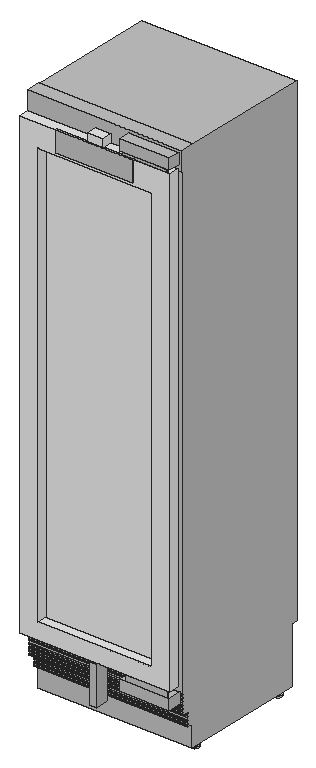
Revit family "FP_Revit_18_RS2484_VR2K1_Wine_Column_90001066A", category Specialty Equipment, Revit 2018
Family settings
  Round Connector Dimension = Use Diameter
  Part Type = Normal
  OmniClass Number = 23.40.40.11.11
  OmniClass Title = Refrigerators and Freezers
  Work Plane-Based = No
  Always vertical = Yes
  Cut with Voids When Loaded = Yes
  Shared = No
  Room Calculation Point = No
Parameters
  Visibility - Water Connection = yes
  Visibility - Visibility Control Note = yes
  Visibility - Clearance Required = yes
  URL = "www.fisherpaykel.com"
  Stainless Steel Door Panels (RD2484VR4D) = no
  Product - Width = 603 mm  # constant formula
  Product - Height = 2134 mm  # constant formula
  Product - Depth (exl front panel) = 610 mm  # constant formula
  Model = "RS2484VR2K1"
  Material - Handle = Fisher & Paykel - Aluminium
  Material - Door Structure = Fisher & Paykel - White
  Material - Door Front = Fisher & Paykel - Stainless Steel
  Material - Body = Fisher & Paykel - Grey
  Manufacturer = "Fisher & Paykel Appliances"
  Handle Style - Professional Square (AHV2-RD84) = no
  Handle Style - Professional Round (AHC-RD84) = no
  Handle Style - Contemporary Square (AHD3-RD84) = no
  Handle Style - Contemporary Round (AHS-RD84) = no
  Description = "24\" Integrated Column Wine Cabinet"
  Connector Description - Electrical = "120 V, 10 amp fused electrical supply"
  Cavity - Width = 610 mm  # constant formula
  Cavity - Height = 2134 mm  # constant formula
  Cavity - Depth = 635 mm  # constant formula
Reference planes
  plane 1 "Datum": y = 0
  plane 2: z = 0
  plane 3 "Center (Left/Right)": x = 0
  plane 4 "Product LHS": x = -301.5
  plane 5 "Product RHS": x = 301.5
  plane 6 "Product - Depth": y = 610
  plane 7 "Cavity LHS": x = -305
  plane 8 "Cavity RHS": x = 305
  plane 9 "Cavity - Depth": y = 612.9
  plane 10 "Handle Offset": x = -238.5
  plane 11 "Product Height": z = 2134
  plane 12 "Cavity Height": z = 2134
  plane 13 "Door Panel Datum": y = -4.1
Forms (mm)
  Extrusion 1, solid, material "Fisher & Paykel - Grey" <- "Material - Body", detail levels fine
    sketch origin (0, 0, 0) x (0, 1, 0) y (0, 0, 1)
      loop
        line (100.1, 19.1) -> (587.9, 19.1) -> (587.9, 239.7) -> (610, 239.7) -> (610, 2131.9) -> (105.1, 2131.9) -> (105.1, 2134) -> (49.9, 2134) -> (49.9, 2059) -> (56, 2059) -> (56, 228.6) -> (59.5, 228.6) -> (59.5, 219.7) -> (56.5, 219.7) -> (56.5, 215.9) -> (59.5, 215.9) -> (59.5, 207) -> (56.5, 207) -> (56.5, 203.2) -> (59.5, 203.2) -> (59.5, 194.3) -> (56.5, 194.3) -> (56.5, 190.5) -> (59.5, 190.5) -> (59.5, 181.6) -> (56.5, 181.6) -> (56.5, 177.8) -> (59.5, 177.8) -> (59.5, 168.9) -> (56.5, 168.9) -> (56.5, 165.1) -> (59.5, 165.1) -> (59.5, 156.2) -> (56.5, 156.2) -> (56.5, 152.4) -> (84.1, 152.4) -> (84.1, 143.5) -> (81.1, 143.5) -> (81.1, 139.7) -> (84.1, 139.7) -> (84.1, 130.8) -> (81.1, 130.8) -> (81.1, 127) -> (84.1, 127) -> (84.1, 118.1) -> (81.1, 118.1) -> (81.1, 114.3) -> (84.1, 114.3) -> (84.1, 105.4) -> (81.1, 105.4) -> (81.1, 101.6) -> (100.1, 101.6) -> (100.1, 19.1)
    from -301.5 to 301.5
  Extrusion 2, solid, material "Fisher & Paykel - Grey" <- "Material - Body"
    sketch origin (0, 0, 0) x (1, 0, 0) y (0, 1, 0)
      loop
        circle (-281, 547.8) r 4.1
      loop
        circle (-281, 141.8) r 4.1
      loop
        circle (281, 547.8) r 4.1
      loop
        circle (281, 141.8) r 4.1
    from 3 to 19.1
  Extrusion 3, solid, material "Fisher & Paykel - Grey" <- "Material - Body"
    sketch origin (0, 0, 0) x (1, 0, 0) y (0, 1, 0)
      loop
        circle (-281, 547.8) r 14.5
      loop
        circle (-281, 141.8) r 14.555
      loop
        circle (281, 547.8) r 14.5
      loop
        circle (281, 141.8) r 14.555
    from 0 to 3
  Extrusion 4, solid, material "Fisher & Paykel - Grey" <- "Material - Body", detail levels fine
    sketch origin (0, 0, 0) x (1, 0, 0) y (0, 1, 0)
      loop
        line (-7.5, 49) -> (-13.797, -4.1) -> (13.797, -4.1) -> (7.5, 49) -> (-7.5, 49)
    from 104.2 to 254.2
  Extrusion 5, solid, material "Fisher & Paykel - Grey" <- "Material - Body", detail levels fine
    sketch origin (0, 0, 0) x (1, 0, 0) y (0, 0, 1)
      loop
        line (289.9, 2123.15) -> (95.42, 2123.15) -> (95.42, 2081.05) -> (289.9, 2081.05) -> (289.9, 2123.15)
    from -49 to -3
  Extrusion 6, solid, material "Fisher & Paykel - Grey" <- "Material - Body", detail levels fine
    sketch origin (0, 0, 0) x (0, 1, 0) y (0, 0, 1)
      loop
        line (0, 2070.6) -> (0, 1988.6) -> (2, 1988.6) -> (2, 2068.6) -> (4, 2068.6) -> (4, 2070.6) -> (0, 2070.6)
    from -150 to 150
  Extrusion 7, solid, material "Fisher & Paykel - Grey" <- "Material - Body"
    sketch origin (0, 0, 0) x (1, 0, 0) y (0, 0, 1)
      loop
        circle (226.5, 119.813) r 5
      loop
        circle (-226.5, 119.813) r 5
    from -590 to -587.9
  Extrusion 8, solid, material "Fisher & Paykel - White" <- "Material - Door Structure"
    sketch origin (0, 0, 0) x (1, 0, 0) y (0, 1, 0)
      loop
        line (-276.5, 56) -> (-276.5, 42) -> (276.5, 42) -> (276.5, 56) -> (-276.5, 56)
    from 269.6 to 2030.7
  Extrusion 9, solid, material "Fisher & Paykel - White" <- "Material - Door Structure", detail levels fine
    sketch origin (0, 0, 0) x (1, 0, 0) y (0, 0, 1)
      loop
        line (-29.5, 2100.1) -> (-29.5, 2068.6) -> (29.5, 2068.6) -> (29.5, 2100.1) -> (-29.5, 2100.1)
    from -42 to -3
  Extrusion 10, solid, material "Fisher & Paykel - Grey" <- "Material - Body", detail levels coarse+medium
    sketch origin (0, 0, 0) x (0, 1, 0) y (0, 0, 1)
      loop
        line (49.9, 2134) -> (49.9, 2059) -> (56, 2059) -> (56, 152.4) -> (81.1, 152.4) -> (81.1, 101.6) -> (100.1, 101.6) -> (100.1, 19.1) -> (587.9, 19.1) -> (587.9, 239.7) -> (610, 239.7) -> (610, 2134) -> (49.9, 2134)
    from -301.5 to 301.5
  Extrusion 11, solid, material "Fisher & Paykel - Clearance Required", visible <- "Visibility - Clearance Required", detail levels coarse
    sketch origin (0, 0, 0) x (1, 0, 0) y (0, 1, 0)
      loop
        arc (-301.5, -22.1) -> (-13.376, -547.171) -> (584.28, -586.183) r 622.5
        line (584.28, -586.183) -> (565.051, -544.946) -> (589.549, -533.523)
        arc (589.549, -533.523) -> (598.013, -510.267) -> (574.757, -501.802) r 17.5
        line (574.757, -501.802) -> (550.259, -513.225) -> (329.441, -39.678)
        arc (329.441, -39.678) -> (310.616, -38.605) -> (301.5, -22.1) r 19.5
        line (301.5, -22.1) -> (-301.5, -22.1)
    from 0 to 2134
  Extrusion 12, solid, material "Fisher & Paykel - Grey" <- "Material - Body", detail levels fine
    sketch origin (0, 0, 0) x (1, 0, 0) y (0, 0, 1)
      loop
        line (289.9, 187.65) -> (289.9, 229.75) -> (95.42, 229.75) -> (95.42, 187.65) -> (289.9, 187.65)
    from -56 to -2.5
  Extrusion 13, solid, material "Fisher & Paykel - Grey" <- "Material - Body", detail levels fine
    sketch origin (0, 0, -4) x (0, 1, 0) y (0, 0, 1)
      loop
        arc (163.888, 23.1) -> (180.4, 13.63) -> (196.912, 23.1) r 19.13
        line (196.912, 23.1) -> (163.888, 23.1)
      loop
        arc (493.888, 23.1) -> (510.4, 13.63) -> (526.912, 23.1) r 19.13
        line (526.912, 23.1) -> (493.888, 23.1)
    from 191 to 219
  Extrusion 14, solid, material "Fisher & Paykel - Grey" <- "Material - Body", detail levels fine
    sketch origin (0, 0, -4) x (0, 1, 0) y (0, 0, -1)
      loop
        line (163.888, -23.1) -> (196.912, -23.1)
        arc (196.912, -23.1) -> (180.4, -13.63) -> (163.888, -23.1) r 19.13
      loop
        line (493.888, -23.1) -> (526.912, -23.1)
        arc (526.912, -23.1) -> (510.4, -13.63) -> (493.888, -23.1) r 19.13
    from 191 to 219
  Extrusion 15, solid, material "Fisher & Paykel - Clearance Required", visible <- "Visibility - Clearance Required", detail levels coarse
    sketch origin (0, 0, 0) x (1, 0, 0) y (0, 1, 0)
      loop
        line (-305, 612.9) -> (-305, -4.1) -> (305, -4.1) -> (305, 612.9) -> (-305, 612.9)
    from 0 to 2134
  Extrusion 16, void
    sketch origin (0, 0, 0) x (1, 0, 0) y (0, 1, 0)
      loop
        line (-305, 612.9) -> (-305, -22.1) -> (305, -22.1) -> (305, 612.9) -> (-305, 612.9)
    from 0 to 2134
  Extrusion 17, solid, material "Fisher & Paykel - Grey" <- "Material - Body", detail levels fine
    sketch origin (0, 0, 0) x (1, 0, 0) y (0, 0, 1)
      loop
        line (118.4, 254.2) -> (118.4, 229.75) -> (282.9, 229.75) -> (282.9, 254.2) -> (118.4, 254.2)
      loop
        line (106, 2081.05) -> (106, 2068.6) -> (282.9, 2068.6) -> (282.9, 2076.05) -> (242.9, 2081.05) -> (106, 2081.05)
    from -7 to -4
  Extrusion 18, solid, material "Fisher & Paykel - Stainless Steel" <- "Material - Door Front", visible <- "Stainless Steel Door Panels (RD2484VR4D)"
    sketch origin (0, 0, 0) x (1, 0, 0) y (0, 0, 1)
      loop
        line (-301.5, 2130.8) -> (-301.5, 102) -> (301.5, 102) -> (301.5, 2130.8) -> (-301.5, 2130.8)
      loop
        line (-207.5, 1930) -> (-207.5, 341.6) -> (207.5, 341.6) -> (207.5, 1930) -> (-207.5, 1930)
    from 4.1 to 22.1
  Extrusion 19, solid, material "Fisher & Paykel - White" <- "Material - Door Structure"
    sketch origin (0, 0, 0) x (1, 0, 0) y (0, 0, 1)
      loop
        line (-292.9, 2068.6) -> (-292.9, 254.2) -> (292.9, 254.2) -> (292.9, 2068.6) -> (-292.9, 2068.6)
      loop
        line (-223.3, 318.3) -> (223.3, 318.3) -> (223.3, 1977.7) -> (-223.3, 1977.7) -> (-223.3, 318.3)
    from -42 to -3
Lines and regions (mm)
  model lines, style "Fisher & Paykel"
    curve 1: line (-301.5, -4.1, 2130.8) -> (301.5, -4.1, 2130.8)
    curve 2: line (-301.5, -4.1, 102) -> (-301.5, -4.1, 2130.8)
    curve 3: line (301.5, -4.1, 102) -> (-301.5, -4.1, 102)
    curve 4: line (301.5, -4.1, 2130.8) -> (301.5, -4.1, 102)
    curve 5: line (-207.5, -4.1, 1930) -> (207.5, -4.1, 1930)
    curve 6: line (-207.5, -4.1, 341.6) -> (-207.5, -4.1, 1930)
    curve 7: line (207.5, -4.1, 341.6) -> (-207.5, -4.1, 341.6)
    curve 8: line (207.5, -4.1, 1930) -> (207.5, -4.1, 341.6)
Text (mm)
  text "Due to ongoing product development, product details are subject to change without notice. \nPlease always refer to www.fisherpaykel.com for the most current product information. \n© Fisher & Paykel 2020" at (41.04, -678.295, 0), in view "Ref. Level (Plan)"
Dimensions and locks
  equal spacing: plane 4 "Product LHS", plane 3 "Center (Left/Right)", plane 5 "Product RHS"
  "Product - Width": plane 4 "Product LHS" to plane 5 "Product RHS"
  "Product - Depth (exl front panel)": plane 1 "Datum" to plane 6 "Product - Depth"
  equal spacing: plane 7 "Cavity LHS", plane 3 "Center (Left/Right)", plane 8 "Cavity RHS"
  "Cavity - Width": plane 7 "Cavity LHS" to plane 8 "Cavity RHS"
  plane 4 "Product LHS" to Extrusion 2 sketch curve = 24.6 mm
  plane 4 "Product LHS" to plane 10 "Handle Offset" = 63 mm
  Extrusion 7 sketch curve to Extrusion 1 = 119.887 mm  (x2)
  Extrusion 7 sketch curve to plane 5 "Product RHS" = 75 mm
  plane 4 "Product LHS" to Extrusion 7 sketch curve = 75 mm
  Extrusion 1 sketch curve to Extrusion 1 sketch curve = 82.5 mm
  Extrusion 1 sketch curve to Extrusion 1 sketch curve = 209.5 mm
  Extrusion 3 to level = 3 mm
  Extrusion 10 to Extrusion 8 = 250.5 mm
  Extrusion 10 to Extrusion 10 = 2114.9 mm
  "Product - Height": level to plane 11 "Product Height"
  Extrusion 8 to plane 11 "Product Height" = 103.3 mm
  Extrusion 10 sketch curve to plane 11 "Product Height" = 75 mm
  Extrusion 1 sketch curve to plane 11 "Product Height" = 2.1 mm
  Extrusion 1 sketch curve to plane 11 "Product Height" = 75 mm
  "Cavity - Height": plane 12 "Cavity Height" to level
  plane 1 "Datum" to Extrusion 15 = 612.9 mm
  plane 1 "Datum" to Extrusion 16 = 612.9 mm
  Extrusion 17 sketch curve to Extrusion 17 sketch curve = 40 mm
  Extrusion 17 sketch curve to plane 3 "Center (Left/Right)" = 106 mm
  Extrusion 17 sketch curve to Extrusion 17 sketch curve = 176.9 mm
  Extrusion 17 sketch curve to plane 3 "Center (Left/Right)" = 118.4 mm
  plane 3 "Center (Left/Right)" to Extrusion 17 sketch curve = 282.9 mm
  equal spacing: Extrusion 19, plane 3 "Center (Left/Right)", Extrusion 19
  equal spacing: Extrusion 18, plane 3 "Center (Left/Right)", Extrusion 18
  locked: Extrusion 18 sketch curve to Extrusion 18 sketch curve at 415
  locked: Extrusion 19 sketch curve to Extrusion 19 sketch curve at 446.6
  Extrusion 16 to plane 1 "Datum" = 22.1 mm
  "Cavity - Depth": plane 9 "Cavity - Depth" to Extrusion 16
  radius of Extrusion 7 sketch curve = 5 mm
  aligned and locked: level to plane 2
  aligned and locked: Extrusion 10 to plane 5 "Product RHS"
  aligned and locked: Extrusion 10 to plane 4 "Product LHS"
  aligned and locked: Extrusion 10 sketch curve to plane 11 "Product Height"
  aligned and locked: plane 11 "Product Height" to Extrusion 1 sketch curve
  aligned and locked: Extrusion 13 sketch curve to Extrusion 13 sketch curve
  aligned and locked: Extrusion 14 sketch curve to Extrusion 14 sketch curve
  aligned and locked: Extrusion 15 to Extrusion 11
  aligned and locked: Extrusion 16 to Extrusion 11
  aligned and locked: Extrusion 1 to plane 5 "Product RHS"
  aligned and locked: plane 4 "Product LHS" to Extrusion 1
  aligned and locked: Extrusion 2 to Extrusion 1
  aligned and locked: nested 5 to plane 10 "Handle Offset"
  aligned and locked: nested 4 to plane 10 "Handle Offset"
  aligned and locked: nested 3 to plane 10 "Handle Offset"
  aligned and locked: nested 2 to plane 10 "Handle Offset"
Automatic sketch dimensions
  Extrusion 2 sketch curve to plane 4 "Product LHS" = 20.5 mm  (x2)
  plane 5 "Product RHS" to Extrusion 2 sketch curve = 20.5 mm  (x2)
  Extrusion 2 sketch curve to plane 1 "Datum" = 141.8 mm  (x2)
  Extrusion 2 sketch curve to plane 6 "Product - Depth" = 62.2 mm  (x2)
  Extrusion 3 sketch curve to plane 4 "Product LHS" = 20.5 mm  (x2)
  plane 5 "Product RHS" to Extrusion 3 sketch curve = 20.5 mm  (x2)
  Extrusion 3 sketch curve to plane 1 "Datum" = 141.8 mm  (x2)
  Extrusion 3 sketch curve to plane 6 "Product - Depth" = 62.2 mm  (x2)
  plane 1 "Datum" to Extrusion 4 sketch curve = 4.1 mm
  Extrusion 4 sketch curve to plane 3 "Center (Left/Right)" = 13.797 mm
  Extrusion 4 sketch curve to plane 3 "Center (Left/Right)" = 7.5 mm
  plane 3 "Center (Left/Right)" to Extrusion 4 sketch curve = 7.5 mm
  plane 3 "Center (Left/Right)" to Extrusion 4 sketch curve = 13.797 mm
  Extrusion 4 sketch curve to plane 1 "Datum" = 49 mm
  plane 11 "Product Height" to Extrusion 5 sketch curve = 10.85 mm
  plane 3 "Center (Left/Right)" to Extrusion 5 sketch curve = 95.42 mm
  plane 5 "Product RHS" to Extrusion 5 sketch curve = 11.6 mm
  Extrusion 5 sketch curve to Extrusion 5 sketch curve = 42.1 mm
  Extrusion 6 sketch curve to plane 1 "Datum" = 0 mm
  Extrusion 6 sketch curve to plane 1 "Datum" = 2 mm
  Extrusion 6 sketch curve to Extrusion 6 sketch curve = 2 mm  (x2)
  plane 11 "Product Height" to Extrusion 6 sketch curve = 145.4 mm
  plane 11 "Product Height" to Extrusion 6 sketch curve = 65.4 mm
  Extrusion 8 sketch curve to plane 4 "Product LHS" = 25 mm
  plane 5 "Product RHS" to Extrusion 8 sketch curve = 25 mm
  Extrusion 8 sketch curve to plane 1 "Datum" = 42 mm
  Extrusion 8 sketch curve to Extrusion 8 sketch curve = 14 mm
  Extrusion 9 sketch curve to plane 3 "Center (Left/Right)" = 29.5 mm
  plane 3 "Center (Left/Right)" to Extrusion 9 sketch curve = 29.5 mm
  plane 11 "Product Height" to Extrusion 9 sketch curve = 65.4 mm
  Extrusion 9 sketch curve to Extrusion 9 sketch curve = 31.5 mm
  Extrusion 11 sketch curve to Extrusion 11 sketch curve = 0 mm  (x2)
  Extrusion 11 sketch curve to plane 4 "Product LHS" = 0 mm
  Extrusion 11 sketch curve to plane 5 "Product RHS" = 0 mm
  Extrusion 11 sketch curve to plane 8 "Cavity RHS" = 16 mm
  Extrusion 11 sketch curve to Extrusion 11 sketch curve = 8.441 mm
  Extrusion 11 sketch curve to plane 8 "Cavity RHS" = 245.259 mm
  Extrusion 11 sketch curve to Extrusion 11 sketch curve = 14.792 mm
  Extrusion 11 sketch curve to Extrusion 11 sketch curve = 24.498 mm
  Extrusion 11 sketch curve to Extrusion 11 sketch curve = 7.396 mm  (x2)
  Extrusion 11 sketch curve to Extrusion 11 sketch curve = 19.229 mm
  plane 1 "Datum" to Extrusion 11 sketch curve = 586.183 mm
  Extrusion 11 sketch curve to Extrusion 11 sketch curve = 41.237 mm
  Extrusion 11 sketch curve to Extrusion 11 sketch curve = 15.86 mm
  plane 3 "Center (Left/Right)" to Extrusion 12 sketch curve = 95.42 mm
  plane 5 "Product RHS" to Extrusion 12 sketch curve = 11.6 mm
  level to Extrusion 12 sketch curve = 187.65 mm
  Extrusion 12 sketch curve to Extrusion 12 sketch curve = 42.1 mm
  Extrusion 13 sketch curve to plane 1 "Datum" = 163.888 mm
  Extrusion 13 sketch curve to Extrusion 13 sketch curve = 16.512 mm  (x2)
  Extrusion 13 sketch curve to plane 6 "Product - Depth" = 116.112 mm
  Extrusion 13 sketch curve to Extrusion 13 sketch curve = 9.66 mm  (x2)
  Extrusion 14 sketch curve to plane 1 "Datum" = 163.888 mm
  Extrusion 14 sketch curve to Extrusion 14 sketch curve = 16.512 mm  (x2)
  Extrusion 14 sketch curve to plane 6 "Product - Depth" = 116.112 mm
  Extrusion 14 sketch curve to Extrusion 14 sketch curve = 9.66 mm  (x2)
  Extrusion 15 sketch curve to plane 7 "Cavity LHS" = 0 mm
  Extrusion 15 sketch curve to plane 8 "Cavity RHS" = 0 mm
  Extrusion 15 sketch curve to plane 9 "Cavity - Depth" = 0 mm
  plane 1 "Datum" to Extrusion 15 sketch curve = 4.1 mm
  Extrusion 16 sketch curve to plane 7 "Cavity LHS" = 0 mm
  Extrusion 16 sketch curve to plane 8 "Cavity RHS" = 0 mm
  plane 9 "Cavity - Depth" to Extrusion 16 sketch curve = 0 mm
  plane 1 "Datum" to Extrusion 16 sketch curve = 22.1 mm
  level to Extrusion 17 sketch curve = 229.75 mm
  Extrusion 17 sketch curve to Extrusion 17 sketch curve = 24.45 mm
  plane 11 "Product Height" to Extrusion 17 sketch curve = 65.4 mm
  Extrusion 17 sketch curve to Extrusion 17 sketch curve = 7.45 mm
  Extrusion 17 sketch curve to Extrusion 17 sketch curve = 5 mm
  Extrusion 10 sketch curve to plane 6 "Product - Depth" = 0 mm
  Extrusion 10 sketch curve to plane 6 "Product - Depth" = 22.1 mm
  Extrusion 10 sketch curve to plane 1 "Datum" = 100.1 mm
  Extrusion 10 sketch curve to Extrusion 10 sketch curve = 19 mm
  Extrusion 10 sketch curve to plane 1 "Datum" = 56 mm
  Extrusion 10 sketch curve to plane 1 "Datum" = 49.9 mm
  level to Extrusion 10 sketch curve = 152.4 mm
  Extrusion 10 sketch curve to Extrusion 10 sketch curve = 50.8 mm
  level to Extrusion 10 sketch curve = 19.1 mm
  Extrusion 10 sketch curve to Extrusion 10 sketch curve = 220.6 mm
  level to Extrusion 13 sketch curve = 19.1 mm
  level to Extrusion 14 sketch curve = 28.76 mm
  Extrusion 1 sketch curve to plane 6 "Product - Depth" = 0 mm
  Extrusion 1 sketch curve to Extrusion 1 sketch curve = 22.1 mm
  Extrusion 1 sketch curve to plane 1 "Datum" = 105.1 mm
  level to Extrusion 1 sketch curve = 19.1 mm
  Extrusion 1 sketch curve to plane 1 "Datum" = 100.1 mm
  Extrusion 1 sketch curve to Extrusion 1 sketch curve = 16 mm
  Extrusion 1 sketch curve to Extrusion 1 sketch curve = 0 mm  (x8)
  Extrusion 1 sketch curve to Extrusion 1 sketch curve = 3 mm  (x10)
  Extrusion 1 sketch curve to plane 1 "Datum" = 59.5 mm
  Extrusion 1 sketch curve to plane 1 "Datum" = 56 mm
  Extrusion 1 sketch curve to plane 1 "Datum" = 49.9 mm
  Extrusion 1 sketch curve to Extrusion 1 sketch curve = 3.8 mm  (x10)
  Extrusion 1 sketch curve to Extrusion 1 sketch curve = 8.9 mm  (x9)
  Extrusion 1 sketch curve to Extrusion 1 sketch curve = 220.6 mm
  Extrusion 19 sketch curve to plane 4 "Product LHS" = 8.6 mm
  Extrusion 19 sketch curve to plane 10 "Handle Offset" = 15.2 mm
  plane 5 "Product RHS" to Extrusion 19 sketch curve = 8.6 mm
  level to Extrusion 19 sketch curve = 254.2 mm
  Extrusion 19 sketch curve to Extrusion 19 sketch curve = 64.1 mm
  plane 11 "Product Height" to Extrusion 19 sketch curve = 156.3 mm
  plane 11 "Product Height" to Extrusion 19 sketch curve = 65.4 mm
  plane 4 "Product LHS" to Extrusion 18 sketch curve = 0 mm
  plane 5 "Product RHS" to Extrusion 18 sketch curve = 0 mm
  Extrusion 18 sketch curve to plane 10 "Handle Offset" = 31 mm
  level to Extrusion 18 sketch curve = 102 mm
  Extrusion 18 sketch curve to Extrusion 18 sketch curve = 239.6 mm
  plane 11 "Product Height" to Extrusion 18 sketch curve = 204 mm
  plane 11 "Product Height" to Extrusion 18 sketch curve = 3.2 mm
  plane 5 "Product RHS" to curve 1 = 0 mm
  plane 4 "Product LHS" to curve 2 = 0 mm
  plane 5 "Product RHS" to curve 7 = 94 mm
  curve 5 to plane 10 "Handle Offset" = 31 mm
  level to curve 4 = 102 mm
  curve 2 to curve 7 = 239.6 mm
  plane 11 "Product Height" to curve 5 = 204 mm
  plane 11 "Product Height" to curve 2 = 3.2 mm
  radius of Extrusion 2 sketch curve = 4.1 mm  (x3)
  radius of Extrusion 3 sketch curve = 14.5 mm  (x2)
  radius of Extrusion 3 sketch curve = 14.555 mm  (x2)
  radius of Extrusion 7 sketch curve = 5 mm
Nested families
  nested 1: "Visibility Control Note 18" at (0, 0, 0), visible <- "Visibility - Visibility Control Note", type "Visibility Control Note 18"
  nested 2: "Handle Contemporary Round - Vertical" at (-238.5, -22.1, 1242.58), visible <- "Handle Style - Contemporary Round (AHS-RD84)", type "AHS-RD84 - Contemporary round handle (Vertical) 852mm"
  nested 3: "Handle Contemporary Square - Vertical" at (-238.5, -22.1, 1242.58), visible <- "Handle Style - Contemporary Square (AHD3-RD84)", type "AHD3-RD84 - Contemporary square handle (Vertical) 852mm"
  nested 4: "Handle Professional Round - Vertical" at (-238.5, -22.1, 1242.58), visible <- "Handle Style - Professional Round (AHC-RD84)", type "AHC-RD84 - Professional round handle (Vertical) 786mm"
  nested 5: "Handle Professional Square - Vertical" at (-238.5, -22.1, 1242.58), visible <- "Handle Style - Professional Square (AHV2-RD84)", type "AHV2-RD84 - Professional square handle (Vertical) 792mm"
Connectors
  electrical at (-226.5, 590, 119.813), driven by "Connector Description - Electrical"
    settings: on Extrusion 7, index 1, voltage 120 V, apparent load 0 VA, apparent load phase1 0 VA, apparent load phase2 0 VA, apparent load phase3 0 VA, power factor 1, load classification "Other", number of poles 1, system type 30, power factor state 1, is connector primary yes, connector utility no, sub classification motor no, connector description "120 V, 10 amp fused electrical supply"
  piping at (226.5, 590, 119.813), diameter 12.7, driven by "Visibility - Water Connection"
    settings: on Extrusion 7, index 2, connector inside diameter 609.6 mm, connector length 0 mm, flow factor 0, pipe flow 0.0 L/s, pressure drop 0.0 Pa, fitting loss kfactor 0, connector angle 0.00°, fixture units 0, engagement length 0 mm, angle of deflection 0.00°, flow configuration 0, flow direction 1, fitting loss method 0, system type 20, joint type 0, gender type 0, connector reference index -1, connector utility 1, adjustable connector no, is connector primary yes, connector description "1/4\" (6mm) comp. stainless steel braided hose"
Definition of nested family "Handle Contemporary Round - Vertical"
  Parameters (values of type "AHSRS80A - Contemporary round handle (1 of 2) (Vertical) 727mm")
    URL = "www.fisherpaykel.com"
    Material - Handle = none
    Manufacturer = "Fisher & Paykel Appliances"
    Handle - Length = 727 mm
  Types (6, lengths in mm): name | Handle - Length
    AHS-RD21 - Contemporary round handle (Vertical) 852mm | 852
    AHSRD2484W - Contemporary round handle (1 of 2) (Vertical) 727mm | 727
    AHSRD3084W - Contemporary round handle (1 of 2) (Vertical) 727mm | 727
    AHS-RD84 - Contemporary round handle (Vertical) 852mm | 852
    AHSRS3272A - Contemporary round handle (1 of 2) (Vertical) 727mm | 727
    AHSRS80A - Contemporary round handle (1 of 2) (Vertical) 727mm | 727
  Reference planes
    plane 1 "Center (Front/Back)": y = 0
    plane 2: z = 0
    plane 3 "Center (Left/Right)": x = 0
    plane 4 "Top": z = 363.5
    plane 5 "Bottom": z = -363.5
    plane 6 "Top Standoff": z = 243.5
    plane 7 "Bottom Standoff": z = -243.5
  Forms (mm)
    Extrusion 1, solid, material <- "Material - Handle"
      sketch origin (0, 0, 0) x (1, 0, 0) y (0, 1, 0)
        loop
          circle (0, -32.3) r 8.7
      from -243.5 to 243.5
    Extrusion 2, solid, material <- "Material - Handle", detail levels fine
      sketch origin (0, 0, 0) x (1, 0, 0) y (0, 1, 0)
        loop
          line (-8.7, 0) -> (-8.7, -32.3)
          arc (-8.7, -32.3) -> (0, -41) -> (8.7, -32.3) r 8.7
          line (8.7, -32.3) -> (8.7, 0) -> (-8.7, 0)
      from 243.5 to 363.5
    Extrusion 3, solid, material <- "Material - Handle", detail levels fine
      sketch origin (0, 0, 0) x (1, 0, 0) y (0, 1, 0)
        loop
          line (-8.7, 0) -> (-8.7, -32.3)
          arc (-8.7, -32.3) -> (0, -41) -> (8.7, -32.3) r 8.7
          line (8.7, -32.3) -> (8.7, 0) -> (-8.7, 0)
      from -363.5 to -243.5
    Sweep 4, void
      path in 3D
        loop
          line (8.7, 0, -363.5) -> (8.7, -32.3, -363.5)
          arc (8.7, -32.3, -363.5) -> (0, -41, -363.5) -> (-8.7, -32.3, -363.5) r 8.7
          line (-8.7, -32.3, -363.5) -> (-8.7, 0, -363.5)
      profile origin (8.7, -16.15, -363.5) x (-1, 0, 0) y (0, 0, -1)
        loop
          line (0, 0) -> (0, -1) -> (1, 0) -> (0, 0)
    Sweep 5, void
      path in 3D
        loop
          line (-8.7, 0, 363.5) -> (-8.7, -32.3, 363.5)
          arc (-8.7, -32.3, 363.5) -> (0, -41, 363.5) -> (8.7, -32.3, 363.5) r 8.7
          line (8.7, -32.3, 363.5) -> (8.7, 0, 363.5)
      profile origin (8.7, -16.15, 363.5) x (-1, 0, 0) y (0, 0, 1)
        loop
          line (0, 0) -> (0, -1) -> (1, 0) -> (0, 0)
    Extrusion 6, solid, material <- "Material - Handle", detail levels coarse+medium
      sketch origin (0, 0, 0) x (1, 0, 0) y (0, 1, 0)
        loop
          line (-8.7, 0) -> (-8.7, -32.3)
          arc (-8.7, -32.3) -> (0, -41) -> (8.7, -32.3) r 8.7
          line (8.7, -32.3) -> (8.7, 0) -> (-8.7, 0)
      from 243.5 to 363.5
    Extrusion 7, solid, material <- "Material - Handle", detail levels coarse+medium
      sketch origin (0, 0, 0) x (1, 0, 0) y (0, 1, 0)
        loop
          line (-8.7, 0) -> (-8.7, -32.3)
          arc (-8.7, -32.3) -> (0, -41) -> (8.7, -32.3) r 8.7
          line (8.7, -32.3) -> (8.7, 0) -> (-8.7, 0)
      from -363.5 to -243.5
  Cuts and joins
    Sweep 4 cuts Extrusion 3
    Sweep 5 cuts Extrusion 2
  Lines and regions (mm)
    sketch lines
      curve 1: line (8.7, 0, -363.5) -> (8.7, -32.3, -363.5)
      curve 2: arc (-8.7, -32.3, -363.5) -> (0, -41, -363.5) -> (8.7, -32.3, -363.5) r 8.7
      curve 3: line (-8.7, -32.3, -363.5) -> (-8.7, 0, -363.5)
      curve 4: line (8.7, -32.3, 363.5) -> (8.7, 0, 363.5)
      curve 5: arc (8.7, -32.3, 363.5) -> (0, -41, 363.5) -> (-8.7, -32.3, 363.5) r 8.7
      curve 6: line (-8.7, 0, 363.5) -> (-8.7, -32.3, 363.5)
  Dimensions and locks
    equal spacing: plane 4 "Top", level, plane 5 "Bottom"
    "Handle - Length": plane 4 "Top" to plane 5 "Bottom"
    locked: plane 4 "Top" to plane 6 "Top Standoff" at 120
    locked: plane 7 "Bottom Standoff" to plane 5 "Bottom" at 120
    Extrusion 2 sketch curve to Extrusion 2 sketch curve = 17.4 mm
    Extrusion 3 sketch curve to Extrusion 3 sketch curve = 17.4 mm
    Extrusion 6 sketch curve to Extrusion 6 sketch curve = 17.4 mm
    Extrusion 7 sketch curve to Extrusion 7 sketch curve = 17.4 mm
    aligned and locked: level to plane 2
    aligned and locked: plane 4 "Top" to Extrusion 2
    aligned and locked: Extrusion 3 to plane 5 "Bottom"
    aligned and locked: plane 7 "Bottom Standoff" to Extrusion 3
    aligned and locked: Extrusion 1 to plane 7 "Bottom Standoff"
    aligned and locked: plane 6 "Top Standoff" to Extrusion 1
    aligned and locked: Extrusion 2 to Extrusion 1
    aligned and locked: Extrusion 6 to Extrusion 1
    aligned and locked: plane 4 "Top" to Extrusion 6
    aligned and locked: Extrusion 7 to Extrusion 1
    aligned and locked: Extrusion 7 to plane 5 "Bottom"
  Automatic sketch dimensions
    Extrusion 1 sketch curve to plane 3 "Center (Left/Right)" = 0 mm
    plane 1 "Center (Front/Back)" to Extrusion 1 sketch curve = 32.3 mm
    plane 1 "Center (Front/Back)" to Extrusion 2 sketch curve = 0 mm
    Extrusion 2 sketch curve to plane 3 "Center (Left/Right)" = 0 mm
    Extrusion 2 sketch curve to plane 3 "Center (Left/Right)" = 8.7 mm
    plane 1 "Center (Front/Back)" to Extrusion 2 sketch curve = 32.3 mm
    plane 1 "Center (Front/Back)" to Extrusion 3 sketch curve = 0 mm
    Extrusion 3 sketch curve to plane 3 "Center (Left/Right)" = 0 mm
    Extrusion 3 sketch curve to plane 3 "Center (Left/Right)" = 8.7 mm
    plane 1 "Center (Front/Back)" to Extrusion 3 sketch curve = 32.3 mm
    Sweep 4 sketch curve to profile plane = 0 mm  (x2)
    Sweep 4 sketch curve to profile plane = 1 mm  (x2)
    Sweep 5 sketch curve to profile plane = 0 mm  (x2)
    Sweep 5 sketch curve to profile plane = 1 mm  (x2)
    Extrusion 6 sketch curve to plane 3 "Center (Left/Right)" = 0 mm
    Extrusion 6 sketch curve to plane 3 "Center (Left/Right)" = 8.7 mm
    plane 1 "Center (Front/Back)" to Extrusion 6 sketch curve = 32.3 mm
    Extrusion 6 sketch curve to Extrusion 6 sketch curve = 32.3 mm
    Extrusion 7 sketch curve to plane 3 "Center (Left/Right)" = 0 mm
    Extrusion 7 sketch curve to plane 3 "Center (Left/Right)" = 8.7 mm
    plane 1 "Center (Front/Back)" to Extrusion 7 sketch curve = 32.3 mm
    Extrusion 7 sketch curve to Extrusion 7 sketch curve = 32.3 mm
    radius of Extrusion 1 sketch curve = 8.7 mm
Definition of nested family "Handle Contemporary Square - Vertical"
  Parameters (values of type "AHD3RS80A - Contemporary square handle (1 of 2) (Vertical) 727mm")
    URL = "www.fisherpaykel.com"
    Material - Handle = none
    Manufacturer = "Fisher & Paykel Appliances"
    Handle - Length = 727 mm
  Types (7, lengths in mm): name | Handle - Length
    (no name) | 727
    AHD3-RD21 - Contemporary square handle (Vertical) 852mm | 852
    AHD3RD2484W - Contemporary square handle (1 of 2) (Vertical) 727mm | 727
    AHD3RD3084W - Contemporary square handle (1 of 2) (Vertical) 727mm | 727
    AHD3-RD84 - Contemporary square handle (Vertical) 852mm | 852
    AHD3RS3272A - Contemporary square handle (1 of 2) (Vertical) 727mm | 727
    AHD3RS80A - Contemporary square handle (1 of 2) (Vertical) 727mm | 727
  Reference planes
    plane 1 "Center (Front/Back)": y = 0
    plane 2: z = 0
    plane 3 "Center (Left/Right)": x = 0
    plane 4 "Top": z = 363.5
    plane 5 "Bottom": z = -363.5
    plane 6 "Top Standoff": z = 243.5
    plane 7 "Bottom Standoff": z = -243.5
  Forms (mm)
    Extrusion 1, solid, material <- "Material - Handle", detail levels fine
      sketch origin (0, 0, 0) x (1, 0, 0) y (0, 1, 0)
        loop
          arc (-7.583, -28.701) -> (-7.89, -29.057) -> (-8, -29.514) r 1
          line (-8, -29.514) -> (-8, -40.5)
          arc (-8, -40.5) -> (-7.561, -41.561) -> (-6.5, -42) r 1.5
          line (-6.5, -42) -> (6.5, -42)
          arc (6.5, -42) -> (7.561, -41.561) -> (8, -40.5) r 1.5
          line (8, -40.5) -> (8, -29.487)
          arc (8, -29.487) -> (7.889, -29.029) -> (7.58, -28.673) r 1
          arc (7.58, -28.673) -> (-0.006, -26.256) -> (-7.583, -28.701) r 13.038
      from -363.5 to 363.5
    Extrusion 2, solid, material <- "Material - Handle", detail levels fine
      sketch origin (0, 0, 0) x (1, 0, 0) y (0, 1, 0)
        loop
          arc (7.058, -28.23) -> (7.466, -28.244) -> (7.674, -27.893) r 0.4
          line (7.674, -27.893) -> (7.674, 0) -> (-7.674, 0) -> (-7.674, -27.86)
          arc (-7.674, -27.86) -> (-7.467, -28.21) -> (-7.06, -28.198) r 0.4
          arc (-7.06, -28.198) -> (0.004, -26.156) -> (7.058, -28.23) r 13.136
      from 243.5 to 363.5
    Extrusion 3, solid, material <- "Material - Handle", detail levels fine
      sketch origin (0, 0, 0) x (1, 0, 0) y (0, 1, 0)
        loop
          arc (7.058, -28.23) -> (7.466, -28.244) -> (7.674, -27.893) r 0.4
          line (7.674, -27.893) -> (7.674, 0) -> (-7.674, 0) -> (-7.674, -27.86)
          arc (-7.674, -27.86) -> (-7.467, -28.21) -> (-7.06, -28.198) r 0.4
          arc (-7.06, -28.198) -> (0.004, -26.156) -> (7.058, -28.23) r 13.136
      from -363.5 to -243.5
    Sweep 4, void
      path in 3D
        loop
          line (-8, -29.514, 363.5) -> (-8, -40.5, 363.5)
          arc (-8, -40.5, 363.5) -> (-7.561, -41.561, 363.5) -> (-6.5, -42, 363.5) r 1.5
          line (-6.5, -42, 363.5) -> (6.5, -42, 363.5)
          arc (6.5, -42, 363.5) -> (7.561, -41.561, 363.5) -> (8, -40.5, 363.5) r 1.5
          line (8, -40.5, 363.5) -> (8, -29.487, 363.5)
      profile origin (8, -34.994, 363.5) x (-1, 0, 0) y (0, 0, 1)
        loop
          line (0, 0) -> (0, -1.3) -> (1.3, 0) -> (0, 0)
    Sweep 5, void
      path in 3D
        loop
          line (8, -29.487, -363.5) -> (8, -40.5, -363.5)
          arc (8, -40.5, -363.5) -> (7.561, -41.561, -363.5) -> (6.5, -42, -363.5) r 1.5
          line (6.5, -42, -363.5) -> (-6.5, -42, -363.5)
          arc (-6.5, -42, -363.5) -> (-7.561, -41.561, -363.5) -> (-8, -40.5, -363.5) r 1.5
          line (-8, -40.5, -363.5) -> (-8, -29.514, -363.5)
      profile origin (8, -34.994, -363.5) x (-1, 0, 0) y (0, 0, -1)
        loop
          line (0, 0) -> (0, -1.3) -> (1.3, 0) -> (0, 0)
    Extrusion 6, void
      sketch origin (0, 0, 0) x (1, 0, 0) y (0, 0, 1)
        loop
          line (-8, -362.2) -> (-8, -363.5) -> (-6.7, -363.5) -> (-8, -362.2)
        loop
          line (8, -362.2) -> (6.7, -363.5) -> (8, -363.5) -> (8, -362.2)
      from 0 to 40
    Extrusion 7, void
      sketch origin (0, 0, 0) x (1, 0, 0) y (0, 0, 1)
        loop
          line (-8, 363.5) -> (-8, 362.2) -> (-6.7, 363.5) -> (-8, 363.5)
        loop
          line (8, 363.5) -> (6.7, 363.5) -> (8, 362.2) -> (8, 363.5)
      from 0 to 40
    Extrusion 8, solid, material <- "Material - Handle", detail levels coarse+medium
      sketch origin (0, 0, 0) x (0, 1, 0) y (0, 0, 1)
        loop
          line (0, 363.5) -> (-42, 363.5) -> (-42, -363.5) -> (0, -363.5) -> (0, -243.5) -> (-26.245, -243.5) -> (-26.245, 243.5) -> (0, 243.5) -> (0, 363.5)
      from -8 to 8
  Cuts and joins
    Sweep 4, Sweep 5, Extrusion 6, Extrusion 7 cuts Extrusion 1
    Extrusion 6 cuts Extrusion 3
    Extrusion 7 cuts Extrusion 2
  Lines and regions (mm)
    sketch lines
      curve 1: line (8, -40.5, 363.5) -> (8, -29.487, 363.5)
      curve 2: arc (8, -40.5, 363.5) -> (7.561, -41.561, 363.5) -> (6.5, -42, 363.5) r 1.5
      curve 3: line (-6.5, -42, 363.5) -> (6.5, -42, 363.5)
      curve 4: arc (-6.5, -42, 363.5) -> (-7.561, -41.561, 363.5) -> (-8, -40.5, 363.5) r 1.5
      curve 5: line (-8, -29.514, 363.5) -> (-8, -40.5, 363.5)
      curve 6: line (8, -29.487, -363.5) -> (8, -40.5, -363.5)
      curve 7: arc (6.5, -42, -363.5) -> (7.561, -41.561, -363.5) -> (8, -40.5, -363.5) r 1.5
      curve 8: line (6.5, -42, -363.5) -> (-6.5, -42, -363.5)
      curve 9: arc (-8, -40.5, -363.5) -> (-7.561, -41.561, -363.5) -> (-6.5, -42, -363.5) r 1.5
      curve 10: line (-8, -40.5, -363.5) -> (-8, -29.514, -363.5)
  Dimensions and locks
    equal spacing: plane 4 "Top", level, plane 5 "Bottom"
    "Handle - Length": plane 4 "Top" to plane 5 "Bottom"
    locked: plane 4 "Top" to plane 6 "Top Standoff" at 120
    locked: plane 7 "Bottom Standoff" to plane 5 "Bottom" at 120
    aligned and locked: level to plane 2
    aligned and locked: plane 4 "Top" to Extrusion 2
    aligned and locked: Extrusion 2 to plane 6 "Top Standoff"
    aligned and locked: plane 4 "Top" to Extrusion 1
    aligned and locked: Extrusion 1 to plane 5 "Bottom"
    aligned and locked: Extrusion 3 to plane 5 "Bottom"
    aligned and locked: plane 7 "Bottom Standoff" to Extrusion 3
    aligned and locked: plane 4 "Top" to Extrusion 8 sketch curve
    aligned and locked: plane 6 "Top Standoff" to Extrusion 8 sketch curve
    aligned and locked: plane 7 "Bottom Standoff" to Extrusion 8 sketch curve
    aligned and locked: plane 5 "Bottom" to Extrusion 8 sketch curve
    aligned and locked: plane 1 "Center (Front/Back)" to Extrusion 8 sketch curve  (x2)
  Automatic sketch dimensions
    Extrusion 1 sketch curve to plane 3 "Center (Left/Right)" = 8 mm
    Extrusion 1 sketch curve to Extrusion 1 sketch curve = 1 mm  (x2)
    Extrusion 1 sketch curve to Extrusion 1 sketch curve = 1.5 mm
    plane 3 "Center (Left/Right)" to Extrusion 1 sketch curve = 0.018 mm
    plane 3 "Center (Left/Right)" to Extrusion 1 sketch curve = 6.5 mm
    plane 3 "Center (Left/Right)" to Extrusion 1 sketch curve = 7 mm
    plane 1 "Center (Front/Back)" to Extrusion 1 sketch curve = 42 mm
    Extrusion 1 sketch curve to Extrusion 1 sketch curve = 1.206 mm
    Extrusion 1 sketch curve to Extrusion 1 sketch curve = 10.986 mm
    Extrusion 1 sketch curve to Extrusion 1 sketch curve = 11.013 mm
    Extrusion 1 sketch curve to Extrusion 1 sketch curve = 0 mm
    plane 1 "Center (Front/Back)" to Extrusion 2 sketch curve = 0 mm
    Extrusion 2 sketch curve to plane 3 "Center (Left/Right)" = 7.674 mm
    Extrusion 2 sketch curve to Extrusion 2 sketch curve = 0.4 mm  (x2)
    Extrusion 2 sketch curve to plane 3 "Center (Left/Right)" = 0.026 mm
    plane 3 "Center (Left/Right)" to Extrusion 2 sketch curve = 7.274 mm
    plane 1 "Center (Front/Back)" to Extrusion 2 sketch curve = 27.86 mm
    Extrusion 2 sketch curve to Extrusion 2 sketch curve = 0.033 mm
    Extrusion 2 sketch curve to Extrusion 2 sketch curve = 11.398 mm
    Extrusion 2 sketch curve to Extrusion 2 sketch curve = 0 mm
    plane 1 "Center (Front/Back)" to Extrusion 3 sketch curve = 0 mm
    Extrusion 3 sketch curve to Extrusion 3 sketch curve = 0.4 mm  (x2)
    Extrusion 3 sketch curve to Extrusion 3 sketch curve = 7.248 mm
    Extrusion 3 sketch curve to Extrusion 3 sketch curve = 7.3 mm
    plane 1 "Center (Front/Back)" to Extrusion 3 sketch curve = 27.86 mm
    Extrusion 3 sketch curve to Extrusion 3 sketch curve = 0.033 mm
    Extrusion 3 sketch curve to Extrusion 3 sketch curve = 11.398 mm
    Extrusion 3 sketch curve to Extrusion 3 sketch curve = 0 mm
    Sweep 4 sketch curve to profile plane = 0 mm  (x2)
    Sweep 4 sketch curve to profile plane = 1.3 mm  (x2)
    Sweep 5 sketch curve to profile plane = 0 mm  (x2)
    Sweep 5 sketch curve to profile plane = 1.3 mm  (x2)
    Extrusion 6 sketch curve to plane 5 "Bottom" = 0 mm  (x2)
    plane 5 "Bottom" to Extrusion 6 sketch curve = 1.3 mm  (x2)
    Extrusion 6 sketch curve to plane 3 "Center (Left/Right)" = 8 mm
    Extrusion 6 sketch curve to Extrusion 6 sketch curve = 1.3 mm  (x2)
    plane 3 "Center (Left/Right)" to Extrusion 6 sketch curve = 8 mm
    Extrusion 7 sketch curve to plane 4 "Top" = 0 mm  (x2)
    Extrusion 7 sketch curve to plane 3 "Center (Left/Right)" = 8 mm
    Extrusion 7 sketch curve to Extrusion 7 sketch curve = 1.3 mm  (x2)
    plane 3 "Center (Left/Right)" to Extrusion 7 sketch curve = 8 mm
    Extrusion 7 sketch curve to plane 4 "Top" = 1.3 mm  (x2)
    plane 1 "Center (Front/Back)" to Extrusion 8 sketch curve = 26.245 mm
    plane 1 "Center (Front/Back)" to Extrusion 8 sketch curve = 42 mm
    Extrusion 3 sketch curve to plane 3 "Center (Left/Right)" = 7.674 mm
Definition of nested family "Handle Professional Round - Vertical"
  Parameters (values of type "AHCRD2484W - Professional round handle (1 of 2) (Vertical) 661mm")
    URL = "www.fisherpaykel.com"
    Material - Standoff = none
    Material - Handle = none
    Manufacturer = "Fisher & Paykel Appliances"
    Handle - Length = 661 mm
  Types (5, lengths in mm): name | Handle - Length
    (no name) | 661
    AHCRD2484W - Professional round handle (1 of 2) (Vertical) 661mm | 661
    AHCRD3084W - Professional round handle (1 of 2) (Vertical) 661mm | 661
    AHC-RD84 - Professional round handle (Vertical) 786mm | 786
    AHCRS3272A - Professional round handle (1 of 2) (Vertical) 661mm | 661
  Reference planes
    plane 1 "Center (Front/Back)": y = 0
    plane 2: z = 0
    plane 3 "Center (Left/Right)": x = 0
    plane 4 "Top": z = 330.5
    plane 5 "Bottom": z = -330.5
    plane 6 "Top Standoff": z = 286.5
    plane 7 "Bottom Standoff": z = -286.5
  Forms (mm)
    Extrusion 1, solid, material <- "Material - Standoff", detail levels fine
      sketch origin (0, 0, 0) x (1, 0, 0) y (0, 1, 0)
        loop
          line (-18.5, 0) -> (-18.5, -39.4)
          arc (-18.5, -39.4) -> (0, -57.9) -> (18.5, -39.4) r 18.5
          line (18.5, -39.4) -> (18.5, 0) -> (-18.5, 0)
      from 286.5 to 330.5
    Extrusion 2, solid, material <- "Material - Standoff", detail levels fine
      sketch origin (0, 0, 0) x (1, 0, 0) y (0, 1, 0)
        loop
          line (-18.5, 0) -> (-18.5, -39.4)
          arc (-18.5, -39.4) -> (0, -57.9) -> (18.5, -39.4) r 18.5
          line (18.5, -39.4) -> (18.5, 0) -> (-18.5, 0)
      from -330.5 to -286.5
    Extrusion 3, solid, material <- "Material - Handle"
      sketch origin (0, 0, 0) x (1, 0, 0) y (0, 1, 0)
        loop
          circle (0, -39.4) r 12.7
      from -286.5 to 286.5
    Sweep 4, void
      path in 3D
        loop
          line (-18.5, 0, 330.5) -> (-18.5, -39.4, 330.5)
          arc (-18.5, -39.4, 330.5) -> (0, -57.9, 330.5) -> (18.5, -39.4, 330.5) r 18.5
          line (18.5, -39.4, 330.5) -> (18.5, 0, 330.5)
      profile origin (18.5, -19.7, 330.5) x (-1, 0, 0) y (0, 0, 1)
        loop
          line (0, 0) -> (0, -3) -> (3, 0) -> (0, 0)
    Sweep 5, void
      path in 3D
        loop
          line (18.5, 0, -330.5) -> (18.5, -39.4, -330.5)
          arc (18.5, -39.4, -330.5) -> (0, -57.9, -330.5) -> (-18.5, -39.4, -330.5) r 18.5
          line (-18.5, -39.4, -330.5) -> (-18.5, 0, -330.5)
      profile origin (18.5, -19.7, -330.5) x (-1, 0, 0) y (0, 0, -1)
        loop
          line (0, 0) -> (0, -3) -> (3, 0) -> (0, 0)
    Extrusion 6, solid, material <- "Material - Standoff", detail levels coarse+medium
      sketch origin (0, 0, 0) x (1, 0, 0) y (0, 1, 0)
        loop
          line (-18.5, 0) -> (-18.5, -39.4)
          arc (-18.5, -39.4) -> (0, -57.9) -> (18.5, -39.4) r 18.5
          line (18.5, -39.4) -> (18.5, 0) -> (-18.5, 0)
      from 286.5 to 330.5
    Extrusion 7, solid, material <- "Material - Standoff", detail levels coarse+medium
      sketch origin (0, 0, 0) x (1, 0, 0) y (0, 1, 0)
        loop
          line (-18.5, 0) -> (-18.5, -39.4)
          arc (-18.5, -39.4) -> (0, -57.9) -> (18.5, -39.4) r 18.5
          line (18.5, -39.4) -> (18.5, 0) -> (-18.5, 0)
      from -330.5 to -286.5
  Cuts and joins
    Sweep 4 cuts Extrusion 1
    Sweep 5 cuts Extrusion 2
  Lines and regions (mm)
    sketch lines
      curve 1: line (18.5, -39.4, 330.5) -> (18.5, 0, 330.5)
      curve 2: arc (18.5, -39.4, 330.5) -> (0, -57.9, 330.5) -> (-18.5, -39.4, 330.5) r 18.5
      curve 3: line (-18.5, 0, 330.5) -> (-18.5, -39.4, 330.5)
      curve 4: line (18.5, 0, -330.5) -> (18.5, -39.4, -330.5)
      curve 5: arc (-18.5, -39.4, -330.5) -> (0, -57.9, -330.5) -> (18.5, -39.4, -330.5) r 18.5
      curve 6: line (-18.5, -39.4, -330.5) -> (-18.5, 0, -330.5)
  Dimensions and locks
    equal spacing: plane 4 "Top", level, plane 5 "Bottom"
    "Handle - Length": plane 4 "Top" to plane 5 "Bottom"
    plane 4 "Top" to plane 6 "Top Standoff" = 44 mm
    plane 7 "Bottom Standoff" to plane 5 "Bottom" = 44 mm
    aligned and locked: level to plane 2
    aligned and locked: plane 4 "Top" to Extrusion 1
    aligned and locked: Extrusion 1 to plane 6 "Top Standoff"
    aligned and locked: Extrusion 2 to plane 5 "Bottom"
    aligned and locked: plane 7 "Bottom Standoff" to Extrusion 2
    aligned and locked: plane 6 "Top Standoff" to Extrusion 3
    aligned and locked: Extrusion 3 to plane 7 "Bottom Standoff"
    aligned and locked: plane 4 "Top" to Extrusion 6
    aligned and locked: Extrusion 7 to plane 5 "Bottom"
    aligned and locked: plane 7 "Bottom Standoff" to Extrusion 7
    aligned and locked: Extrusion 6 to plane 6 "Top Standoff"
  Automatic sketch dimensions
    plane 1 "Center (Front/Back)" to Extrusion 1 sketch curve = 0 mm
    Extrusion 1 sketch curve to plane 3 "Center (Left/Right)" = 0 mm
    Extrusion 1 sketch curve to plane 3 "Center (Left/Right)" = 18.5 mm
    plane 1 "Center (Front/Back)" to Extrusion 1 sketch curve = 39.4 mm
    plane 1 "Center (Front/Back)" to Extrusion 2 sketch curve = 0 mm
    Extrusion 2 sketch curve to plane 3 "Center (Left/Right)" = 0 mm
    Extrusion 2 sketch curve to plane 3 "Center (Left/Right)" = 18.5 mm
    plane 1 "Center (Front/Back)" to Extrusion 2 sketch curve = 39.4 mm
    Extrusion 3 sketch curve to plane 3 "Center (Left/Right)" = 0 mm
    plane 1 "Center (Front/Back)" to Extrusion 3 sketch curve = 39.4 mm
    Sweep 4 sketch curve to profile plane = 0 mm  (x2)
    Sweep 4 sketch curve to profile plane = 3 mm  (x2)
    Sweep 5 sketch curve to profile plane = 0 mm  (x2)
    Sweep 5 sketch curve to profile plane = 3 mm  (x2)
    Extrusion 6 sketch curve to plane 3 "Center (Left/Right)" = 0 mm
    Extrusion 6 sketch curve to plane 3 "Center (Left/Right)" = 18.5 mm
    plane 1 "Center (Front/Back)" to Extrusion 6 sketch curve = 39.4 mm
    Extrusion 6 sketch curve to Extrusion 6 sketch curve = 39.4 mm
    Extrusion 7 sketch curve to plane 3 "Center (Left/Right)" = 0 mm
    Extrusion 7 sketch curve to plane 3 "Center (Left/Right)" = 18.5 mm
    plane 1 "Center (Front/Back)" to Extrusion 7 sketch curve = 39.4 mm
    Extrusion 7 sketch curve to Extrusion 7 sketch curve = 39.4 mm
    radius of Extrusion 3 sketch curve = 12.7 mm
Definition of nested family "Handle Professional Square - Vertical"
  Parameters (values of type "AHV2RS3272A - Professional square handle (1 of 2) (Vertical) 727mm")
    URL = "www.fisherpaykel.com"
    Material - Handle = none
    Manufacturer = "Fisher & Paykel Appliances"
    Handle - Length = 727 mm
  Types (5, lengths in mm): name | Handle - Length
    (no name) | 727
    AHV2RD2484W - Professional square handle (1 of 2) (Vertical) 727mm | 727
    AHV2RD3084W - Professional square handle (1 of 2) (Vertical) 727mm | 727
    AHV2-RD84 - Professional square handle (Vertical) 792mm | 792
    AHV2RS3272A - Professional square handle (1 of 2) (Vertical) 727mm | 727
  Reference planes
    plane 1 "Center (Front/Back)": y = 0
    plane 2: z = 0
    plane 3 "Center (Left/Right)": x = 0
    plane 4 "Top": z = 363.5
    plane 5 "Bottom": z = -363.5
    plane 6 "Top Standoff": z = 313.5
    plane 7 "Bottom Standoff": z = -313.5
  Forms (mm)
    Extrusion 1, solid, material <- "Material - Handle", detail levels fine
      sketch origin (0, 0, 0) x (0, 1, 0) y (0, 0, 1)
        loop
          line (0, 363.5) -> (-40, 363.5)
          arc (-40, 363.5) -> (-47.071, 360.571) -> (-50, 353.5) r 10
          line (-50, 353.5) -> (-50, 313.5) -> (0, 313.5) -> (0, 363.5)
        loop
          line (0, -363.5) -> (0, -313.5) -> (-50, -313.5) -> (-50, -353.5)
          arc (-50, -353.5) -> (-47.071, -360.571) -> (-40, -363.5) r 10
          line (-40, -363.5) -> (0, -363.5)
      from -17.5 to 17.5
    Sweep 2, void
      path in 3D
        loop
          line (17.5, 0, 363.5) -> (17.5, -40, 363.5)
          arc (17.5, -40, 363.5) -> (17.5, -47.071, 360.571) -> (17.5, -50, 353.5) r 10
          line (17.5, -50, 353.5) -> (17.5, -50, 313.5)
      profile origin (17.5, -20, 363.5) x (1, 0, 0) y (0, 0, 1)
        loop
          line (0, 0) -> (-2.5, 0) -> (0, -2.5) -> (0, 0)
    Sweep 3, void
      path in 3D
        loop
          line (-17.5, -50, 313.5) -> (-17.5, -50, 353.5)
          arc (-17.5, -50, 353.5) -> (-17.5, -47.071, 360.571) -> (-17.5, -40, 363.5) r 10
          line (-17.5, -40, 363.5) -> (-17.5, 0, 363.5)
      profile origin (-17.5, -20, 363.5) x (-1, 0, 0) y (0, 0, 1)
        loop
          line (0, 0) -> (-2.5, 0) -> (0, -2.5) -> (0, 0)
    Sweep 4, void
      path in 3D
        loop
          line (17.5, -50, -313.5) -> (17.5, -50, -353.5)
          arc (17.5, -50, -353.5) -> (17.5, -47.071, -360.571) -> (17.5, -40, -363.5) r 10
          line (17.5, -40, -363.5) -> (17.5, 0, -363.5)
      profile origin (17.5, -20, -363.5) x (1, 0, 0) y (0, 0, -1)
        loop
          line (0, 0) -> (-2.5, 0) -> (0, -2.5) -> (0, 0)
    Sweep 5, void
      path in 3D
        loop
          line (-17.5, 0, -363.5) -> (-17.5, -40, -363.5)
          arc (-17.5, -40, -363.5) -> (-17.5, -47.071, -360.571) -> (-17.5, -50, -353.5) r 10
          line (-17.5, -50, -353.5) -> (-17.5, -50, -313.5)
      profile origin (-17.5, -20, -363.5) x (-1, 0, 0) y (0, 0, -1)
        loop
          line (0, 0) -> (-2.5, 0) -> (0, -2.5) -> (0, 0)
    Extrusion 6, solid, material <- "Material - Handle", detail levels fine
      sketch origin (0, 0, 0) x (1, 0, 0) y (0, 1, 0)
        loop
          line (-15.5, -36.737) -> (-15.5, -46.422) -> (-14.172, -47.75) -> (14.172, -47.75) -> (15.5, -46.422) -> (15.5, -36.737)
          arc (15.5, -36.737) -> (0, -32.25) -> (-15.5, -36.737) r 29.013
      from -313.5 to 313.5
    Extrusion 7, solid, material <- "Material - Handle", detail levels coarse+medium
      sketch origin (0, 0, 0) x (0, 1, 0) y (0, 0, 1)
        loop
          line (0, 363.5) -> (-40, 363.5)
          arc (-40, 363.5) -> (-47.071, 360.571) -> (-50, 353.5) r 10
          line (-50, 353.5) -> (-50, -353.5)
          arc (-50, -353.5) -> (-47.071, -360.571) -> (-40, -363.5) r 10
          line (-40, -363.5) -> (0, -363.5) -> (0, -313.5) -> (-31.95, -313.5) -> (-31.95, 313.5) -> (0, 313.5) -> (0, 363.5)
      from -17.5 to 17.5
  Cuts and joins
    Sweep 2, Sweep 3, Sweep 4, Sweep 5 cuts Extrusion 1
  Lines and regions (mm)
    sketch lines
      curve 1: line (17.5, 0, 363.5) -> (17.5, -40, 363.5)
      curve 2: arc (17.5, -50, 353.5) -> (17.5, -47.071, 360.571) -> (17.5, -40, 363.5) r 10
      curve 3: line (17.5, -50, 353.5) -> (17.5, -50, 313.5)
      curve 4: line (-17.5, -40, 363.5) -> (-17.5, 0, 363.5)
      curve 5: arc (-17.5, -40, 363.5) -> (-17.5, -47.071, 360.571) -> (-17.5, -50, 353.5) r 10
      curve 6: line (-17.5, -50, 313.5) -> (-17.5, -50, 353.5)
      curve 7: line (17.5, -40, -363.5) -> (17.5, 0, -363.5)
      curve 8: arc (17.5, -40, -363.5) -> (17.5, -47.071, -360.571) -> (17.5, -50, -353.5) r 10
      curve 9: line (17.5, -50, -313.5) -> (17.5, -50, -353.5)
      curve 10: line (-17.5, 0, -363.5) -> (-17.5, -40, -363.5)
      curve 11: arc (-17.5, -50, -353.5) -> (-17.5, -47.071, -360.571) -> (-17.5, -40, -363.5) r 10
      curve 12: line (-17.5, -50, -353.5) -> (-17.5, -50, -313.5)
  Dimensions and locks
    equal spacing: plane 4 "Top", level, plane 5 "Bottom"
    "Handle - Length": plane 4 "Top" to plane 5 "Bottom"
    plane 7 "Bottom Standoff" to plane 5 "Bottom" = 50 mm
    plane 4 "Top" to plane 6 "Top Standoff" = 50 mm
    aligned and locked: level to plane 2
    aligned and locked: plane 4 "Top" to Extrusion 1 sketch curve
    aligned and locked: plane 5 "Bottom" to Extrusion 1 sketch curve
    aligned and locked: Extrusion 1 sketch curve to plane 1 "Center (Front/Back)"
    aligned and locked: plane 1 "Center (Front/Back)" to Extrusion 1 sketch curve
    aligned and locked: plane 6 "Top Standoff" to Extrusion 1 sketch curve
    aligned and locked: plane 7 "Bottom Standoff" to Extrusion 1 sketch curve
    aligned and locked: plane 6 "Top Standoff" to Extrusion 6
    aligned and locked: Extrusion 6 to plane 7 "Bottom Standoff"
    aligned and locked: plane 4 "Top" to Extrusion 7 sketch curve
    aligned and locked: plane 6 "Top Standoff" to Extrusion 7 sketch curve
    aligned and locked: plane 1 "Center (Front/Back)" to Extrusion 7 sketch curve
    aligned and locked: plane 7 "Bottom Standoff" to Extrusion 7 sketch curve
    aligned and locked: plane 5 "Bottom" to Extrusion 7 sketch curve
    aligned and locked: Extrusion 7 sketch curve to plane 1 "Center (Front/Back)"
  Automatic sketch dimensions
    Sweep 2 sketch curve to profile plane = 0 mm
    profile plane to Sweep 2 sketch curve = 0 mm
    profile plane to Sweep 2 sketch curve = 2.5 mm
    Sweep 2 sketch curve to profile plane = 2.5 mm
    Sweep 3 sketch curve to profile plane = 0 mm  (x2)
    profile plane to Sweep 3 sketch curve = 2.5 mm
    Sweep 3 sketch curve to profile plane = 2.5 mm
    Sweep 4 sketch curve to profile plane = 0 mm
    profile plane to Sweep 4 sketch curve = 0 mm
    profile plane to Sweep 4 sketch curve = 2.5 mm
    Sweep 4 sketch curve to profile plane = 2.5 mm
    Sweep 5 sketch curve to profile plane = 0 mm  (x2)
    profile plane to Sweep 5 sketch curve = 2.5 mm
    Sweep 5 sketch curve to profile plane = 2.5 mm
    plane 1 "Center (Front/Back)" to Extrusion 1 sketch curve = 40 mm  (x2)
    Extrusion 1 sketch curve to Extrusion 1 sketch curve = 10 mm  (x2)
    Extrusion 6 sketch curve to plane 3 "Center (Left/Right)" = 0 mm
    Extrusion 6 sketch curve to Extrusion 6 sketch curve = 1.328 mm  (x4)
    plane 1 "Center (Front/Back)" to Extrusion 6 sketch curve = 61.263 mm
    Extrusion 6 sketch curve to Extrusion 6 sketch curve = 13.513 mm
    Extrusion 6 sketch curve to Extrusion 6 sketch curve = 9.684 mm  (x2)
    Extrusion 6 sketch curve to plane 3 "Center (Left/Right)" = 14.172 mm
    plane 1 "Center (Front/Back)" to Extrusion 7 sketch curve = 31.95 mm
    plane 1 "Center (Front/Back)" to Extrusion 7 sketch curve = 40 mm  (x2)
    Extrusion 7 sketch curve to plane 4 "Top" = 10 mm
Definition of nested family "Visibility Control Note 18"
  Types (3): name
    New
    Resolved
    Active
  Reference planes
    plane 1: y = 0
    plane 2: x = 0
  Text (mm)
    text "Edit Type: \nTo control handle kit \nand door panel visibility\n options\n\nDelete unwanted kits \nto reduce file size" at (-0.165, 35.556, 0)
